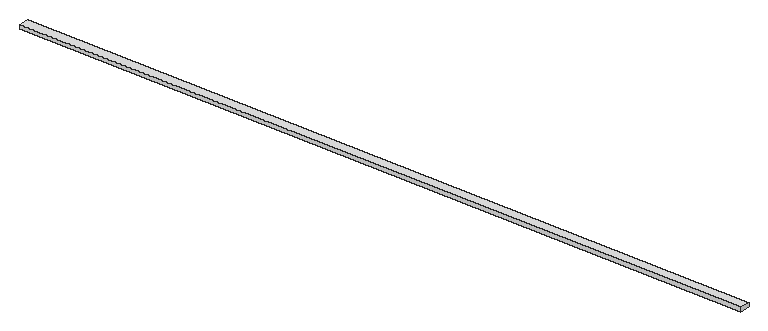
Revit family "MarshallTufflex_ElectricalFittings_TrunkingDado_Mini_MMT3a", category Generic Models, host Face, Revit 2016 (continued)
Definition of nested family "MarshallTufflex_ElectricalFittings_TrunkingDado_InternalBend"
  Types (6, lengths in mm): name | Type Comments | Shape | ProductModelNumber | OverallWidth | OverallLength | OverallHeight | NBSObjectName | ModelNumber | Description | CreatedOn | BIMObjectName
    MarshallTufflex_ElectricalFittings_TrunkingDado_Mini_InternalBend_TIB5 | "Dado Trunking MMT5 Internal Bend" | "50x25mm" | "TIB5" | 53.000 | 44.000 | 27.000 | "MT MiniInternalBendTIB5" | "TIB5" | "Trunking Dado MT Mini Internal Bend TIB5" | "2018-11-26T09:00:00" | "MarshallTufflex_ElectricalFittings_TrunkingDado_Mini_InternalBend_TIB5"
    MarshallTufflex_ElectricalFittings_TrunkingDado_Mini_InternalBend_TIB6 | "Dado Trunking MMT6 Internal Bend" | "38x38mm" | "TIB6" | 38.000 | 56.000 | 38.000 | "MT MiniInternalBendTIB6" | "TIB6" | "Trunking Dado MT Mini Internal Bend TIB6" | "2018-11-16T09:00:00" | "MarshallTufflex_ElectricalFittings_TrunkingDado_Mini_InternalBend_TIB6"
  Reference planes
    plane 1 "Center (Front/Back)": y = 0
    plane 2: z = 0
    plane 3 "Center (Left/Right)": x = 0
    plane 4: y = 26.5
    plane 5: y = -26.5
    plane 6: x = 17
    plane 7: x = 44
    plane 8: z = 27
    plane 9: z = 44
  Forms (mm)
    Extrusion 1, solid
      sketch origin (0, 0, 0) x (1, 0, 0) y (0, 1, 0)
        loop
          line (-1219.2, 1219.2) -> (-1219.2, -1219.2) -> (1219.2, -1219.2) -> (1219.2, 1219.2) -> (-1219.2, 1219.2)
      from 0 to -304.8
    Extrusion 2, solid
      sketch origin (0, 0, 0) x (1, 0, 0) y (0, 0, 1)
        loop
          line (0, 0) -> (44, 0) -> (44, 44) -> (17, 44) -> (17, 27) -> (0, 27) -> (0, 0)
      from -26.5 to 26.5
  Dimensions and locks
    "OverallHeight": plane 6 to plane 7
    "OverallLength": plane 3 "Center (Left/Right)" to plane 7
    "OverallWidth": plane 4 to plane 5
    equal spacing: plane 4, plane 1 "Center (Front/Back)", plane 5
    "OverallLength": plane 9 to Extrusion 1
    "OverallHeight": plane 8 to Extrusion 1
    aligned and locked: plane 2 to Extrusion 1
    aligned and locked: level to Extrusion 1
    aligned and locked: Extrusion 2 sketch curve to plane 8
    aligned and locked: plane 6 to Extrusion 2 sketch curve
    aligned and locked: Extrusion 2 sketch curve to plane 9
    aligned and locked: Extrusion 2 sketch curve to plane 7
    aligned and locked: plane 3 "Center (Left/Right)" to Extrusion 2 sketch curve
    aligned and locked: Extrusion 1 to Extrusion 2 sketch curve
    aligned and locked: plane 4 to Extrusion 2
    aligned and locked: Extrusion 2 to plane 5
  Automatic sketch dimensions
    Extrusion 1 sketch curve to Extrusion 1 sketch curve = 2438.400 mm  (x2)
Definition of nested family "MarshallTufflex_ElectricalFittings_TrunkingDado_ExternalBend"
  Parameters (values of type "MarshallTufflex_ElectricalFittings_TrunkingDado_Mini_ExternalBend_TEB6")
    _DistributedBy = "www.bimstore.co.uk"
    _CurrentRevision = 1
    _CreatedBy = "www.marshall-tufflex.com"
    _BimSpecGuid = 0
    _BSBibleVersion = 15
    _AuthorizedBy = ""
    _Author = "Marshall-Tufflex Ltd"
    Weekly [instance] = "Please Record On Commisioning"
    WarrantyStartDate [instance] = "Please Record On Commisioning"
    WarrantyID [instance] = "Please Record On Commisioning"
    WarrantyGuarantorParts = "Sales@marshall-tufflex.com"
    WarrantyGuarantorLabor [instance] = "Please Record On Commisioning"
    WarrantyDurationUnit = "Years"
    WarrantyDurationParts = 0
    WarrantyDurationLabor = 0
    WarrantyDescription [instance] = "Please Record On Commisioning"
    URL = "www.marshall-tufflex.com"
    TypeName = "Marshall Tufflex Electrical Fitting Trunking Dado Mini"
    Type Comments = "Dado Trunking MMT6 External Bend"
    Type = "Trunking"
    Sub-Type = "Fitting"
    SpareParts = "Sales@marshall-tufflex.com"
    ShippingWeight = 0
    Shape = "38x38mm"
    SerialNumber [instance] = "Please Record On Commisioning"
    ResponsibleSourcingOfMaterials = "n/a"
    ResponsibleExtractionOfMaterials = "n/a"
    ReplacementCost = "Sales@marshall-tufflex.com"
    ReferencedStandard = "BS EN 50085-1"
    ReferenceStandard = "BS EN 50085-1"
    Quarterly [instance] = "Please Record On Commisioning"
    ProductionYear = "2018"
    ProductRange = "Mini"
    ProductModelNumber = "TEB6"
    ProductLiterature = "www.marshall-tufflex.com"
    OverallWidth = 38.000 mm
    OverallLength = 56.000 mm
    OverallHeight = 38.000 mm
    O&Mmanual = "www.marshall-tufflex.com"
    NominalLength = 0.000 mm
    NominalHeight = 0.000 mm
    NominalDepth = 0.000 mm
    NBSReference = "90-55-10/390"
    NBSOfficeMasterTag = "n/a"
    NBSObjectName = "MT MiniExternalBendTEB6"
    NBSNote = ""
    NBSDescription = "Proprietry Tunking"
    Monthly [instance] = "Please Record On Commisioning"
    ModelReference = "Mini"
    ModelNumber = "TEB6"
    Model = "Mini"
    MaterialIngredientReporting = "n/a"
    Material = "PVCu"
    ManufacturerWebsite = "www.marshall-tufflex.com"
    ManufacturerName = "Marshall-Tufflex Ltd"
    Manufacturer = "Marshall-Tufflex Ltd"
    LocationOfManufacturer = "N 50°52'39\" E 0°31'41\""
    LifeCycleAnalysis = "n/a"
    LidConfiguration = "Tamper Proof"
    Keynote = "V90"
    InstallationDate [instance] = "Please Record On Commisioning"
    IfcExportType = "IfcCableSegmentType"
    IfcExportAs = "IfcFlowSegment"
    GrossWeight = 0
    GreenGuideforSpecification = 0
    Grade = "n/a"
    Fittings = "www.marshall-tufflex.com"
    Finish = "Matt"
    Features = "Variety of sizes, self-fixing and punched options"
    ExpectedLife = 0
    ErPEnergyLabel = "n/a"
    EnvironmentalProductDeclaration = "n/a"
    EnergyTechnologyList = "n/a"
    EnclosureRating = "IP4X"
    EmbodiedCarbon = 0
    DurationUnit = "Years"
    DocumentationTechnical = "www.marshall-tufflex.com"
    DocumentationMaintenance = "www.marshall-tufflex.com"
    DocumentationLiterature = "www.marshall-tufflex.com"
    DocumentationInstallationGuide = "www.marshall-tufflex.com"
    DocumentationCertificates = "www.marshall-tufflex.com"
    Description = "Trunking Dado MT Mini External Bend TEB6"
    Default Elevation = 1200.000 mm
    Daily [instance] = "Please Record On Commisioning"
    CreatedOn = "2018-11-16T09:00:00"
    CreatedBy = "Sales@marshall-tufflex.com"
    Cost = 0
    Constituents = "Mini Trunking"
    Compartments = "No"
    Colour = "White (RAL9003)"
    Color = "White (RAL9003)"
    CodePerformance = "n/a"
    ClassificationValue = "Pr_65_70_11_61"
    ClassificationName = "Uniclass2015"
    CEApproval = "Yes"
    BespokeTimeframe [instance] = "Please Record On Commisioning"
    BarCode [instance] = "Please Record On Commisioning"
    BIMObjectName = "MarshallTufflex_ElectricalFittings_TrunkingDado_Mini_ExternalBend_TEB6"
    AssetType = "Fixed"
    AssetIdentifier [instance] = "Please Record On Commisioning"
    Assembly Code = "D5010"
    Annually [instance] = "Please Record On Commisioning"
    AccessoryBoxDepth = "n/a"
    Accessories = "www.marshall-tufflex.com"
    AccessibilityPerformance = "n/a"
    AccessClearanceTop = 0.000 mm
    AccessClearanceRight = 0.000 mm
    AccessClearanceRear = 0.000 mm
    AccessClearanceLeft = 0.000 mm
    AccessClearanceFront = 0.000 mm
    AccessClearanceBottom = 0.000 mm
    6Monthly [instance] = "Please Record On Commisioning"
  Types (6, lengths in mm): name | Type Comments | Shape | ProductModelNumber | OverallWidth | OverallLength | OverallHeight | NBSObjectName | ModelNumber | Description | CreatedOn | BIMObjectName
    MarshallTufflex_ElectricalFittings_TrunkingDado_Mini_ExternalBend_TEB1 | "Dado Trunking MMT1 External Bend" | "50x25mm" | "TEB1" | 19.000 | 35.000 | 18.000 | "MT MiniExternalBendTEB1" | "TEB1" | "Trunking Dado MT Mini External Bend TEB1" | "2018-11-16T09:00:00" | "MarshallTufflex_ElectricalFittings_TrunkingDado_Mini_ExternalBend_TEB1"
    MarshallTufflex_ElectricalFittings_TrunkingDado_Mini_ExternalBend_TEB2 | "Dado Trunking MMT2 External Bend" | "25x16mm" | "TEB2" | 28.000 | 35.000 | 18.000 | "MT MiniExternalBendTEB2" | "TEB2" | "Trunking Dado MT Mini External Bend TEB2" | "2018-11-16T09:00:00" | "MarshallTufflex_ElectricalFittings_TrunkingDado_Mini_ExternalBend_TEB2"
    MarshallTufflex_ElectricalFittings_TrunkingDado_Mini_ExternalBend_TEB3 | "Dado Trunking MMT3 External Bend" | "38x16mm" | "TEB3" | 41.000 | 35.000 | 18.000 | "MT MiniExternalBendTEB3" | "TEB3" | "Trunking Dado MT Mini External Bend TEB3" | "2018-11-16T09:00:00" | "MarshallTufflex_ElectricalFittings_TrunkingDado_Mini_ExternalBend_TEB3"
    MarshallTufflex_ElectricalFittings_TrunkingDado_Mini_ExternalBend_TEB4 | "Dado Trunking MMT4 External Bend" | "38x25mm" | "TEB4" | 41.000 | 44.000 | 27.000 | "MT MiniExternalBendTEB4" | "TEB4" | "Trunking Dado MT Mini External Bend TEB4" | "2018-11-16T09:00:00" | "MarshallTufflex_ElectricalFittings_TrunkingDado_Mini_ExternalBend_TEB4"
    MarshallTufflex_ElectricalFittings_TrunkingDado_Mini_ExternalBend_TEB5 | "Dado Trunking MMT5 External Bend" | "50x25mm" | "TEB5" | 53.000 | 45.000 | 27.000 | "MT MiniExternalBendTEB5" | "TEB5" | "Trunking Dado MT Mini External Bend TEB5" | "2018-11-26T09:00:00" | "MarshallTufflex_ElectricalFittings_TrunkingDado_Mini_ExternalBend_TEB5"
    MarshallTufflex_ElectricalFittings_TrunkingDado_Mini_ExternalBend_TEB6 | "Dado Trunking MMT6 External Bend" | "38x38mm" | "TEB6" | 38.000 | 56.000 | 38.000 | "MT MiniExternalBendTEB6" | "TEB6" | "Trunking Dado MT Mini External Bend TEB6" | "2018-11-16T09:00:00" | "MarshallTufflex_ElectricalFittings_TrunkingDado_Mini_ExternalBend_TEB6"
  Reference planes
    plane 1 "Center (Front/Back)": y = 0
    plane 2: z = 0
    plane 3 "Center (Left/Right)": x = 0
    plane 4: y = 19
    plane 5: y = -19
    plane 6: x = 18
    plane 7: x = 56
    plane 8: z = 38
    plane 9: z = -18
  Forms (mm)
    Extrusion 1, solid
      sketch origin (0, 0, 0) x (1, 0, 0) y (0, 1, 0)
        loop
          line (-1219.2, 1219.2) -> (-1219.2, -1219.2) -> (1219.2, -1219.2) -> (1219.2, 1219.2) -> (-1219.2, 1219.2)
      from 0 to -304.8
    Extrusion 2, solid
      sketch origin (0, 0, 0) x (1, 0, 0) y (0, 0, 1)
        loop
          line (0, 38) -> (0, 0) -> (18, 0) -> (18, -18) -> (56, -18) -> (56, 38) -> (0, 38)
      from -19 to 19
  Dimensions and locks
    "OverallHeight": plane 6 to plane 7
    "OverallLength": plane 3 "Center (Left/Right)" to plane 7
    "OverallWidth": plane 4 to plane 5
    equal spacing: plane 4, plane 1 "Center (Front/Back)", plane 5
    "OverallHeight": plane 8 to Extrusion 1
    "OverallLength": plane 8 to plane 9
    aligned and locked: plane 2 to Extrusion 1
    aligned and locked: level to Extrusion 1
    aligned and locked: Extrusion 2 sketch curve to plane 8
    aligned and locked: Extrusion 2 sketch curve to plane 7
    aligned and locked: plane 9 to Extrusion 2 sketch curve
    aligned and locked: plane 6 to Extrusion 2 sketch curve
    aligned and locked: Extrusion 1 to Extrusion 2 sketch curve
    aligned and locked: plane 3 "Center (Left/Right)" to Extrusion 2 sketch curve
    aligned and locked: plane 4 to Extrusion 2
    aligned and locked: Extrusion 2 to plane 5
  Automatic sketch dimensions
    Extrusion 1 sketch curve to Extrusion 1 sketch curve = 2438.400 mm  (x2)
Definition of nested family "MarshallTufflex_ElectricalFittings_TrunkingDado_SquareAngle"
  Parameters (values of type "MarshallTufflex_ElectricalFittings_TrunkingDado_Mini_SquareAngle_TFB1")
    _DistributedBy = "www.bimstore.co.uk"
    _CurrentRevision = 1
    _CreatedBy = "www.marshall-tufflex.com"
    _BimSpecGuid = 0
    _BSBibleVersion = 15
    _AuthorizedBy = ""
    _Author = "Marshall-Tufflex Ltd"
    Weekly [instance] = "Please Record On Commisioning"
    WarrantyStartDate [instance] = "Please Record On Commisioning"
    WarrantyID [instance] = "Please Record On Commisioning"
    WarrantyGuarantorParts = "Sales@marshall-tufflex.com"
    WarrantyGuarantorLabor [instance] = "Please Record On Commisioning"
    WarrantyDurationUnit = "Years"
    WarrantyDurationParts = 0
    WarrantyDurationLabor = 0
    WarrantyDescription [instance] = "Please Record On Commisioning"
    URL = "www.marshall-tufflex.com"
    TypeName = "Marshall Tufflex Electrical Fitting Trunking Dado Mini"
    Type Comments = "Dado Trunking MMT1 Square Angle"
    Type = "Trunking"
    Sub-Type = "Fitting"
    SpareParts = "Sales@marshall-tufflex.com"
    ShippingWeight = 0
    Shape = "16x16mm"
    SerialNumber [instance] = "Please Record On Commisioning"
    ResponsibleSourcingOfMaterials = "n/a"
    ResponsibleExtractionOfMaterials = "n/a"
    ReplacementCost = "Sales@marshall-tufflex.com"
    ReferencedStandard = "BS EN 50085-1"
    ReferenceStandard = "BS EN 50085-1"
    Quarterly [instance] = "Please Record On Commisioning"
    ProductionYear = "2018"
    ProductRange = "Mini"
    ProductModelNumber = "TFB1"
    ProductLiterature = "www.marshall-tufflex.com"
    OverallWidth = 19.000 mm
    OverallLength = 35.000 mm
    OverallHeight = 18.000 mm
    O&Mmanual = "www.marshall-tufflex.com"
    NominalLength = 0.000 mm
    NominalHeight = 0.000 mm
    NominalDepth = 0.000 mm
    NBSReference = "90-55-10/390"
    NBSOfficeMasterTag = "n/a"
    NBSObjectName = "MT MiniSquareAngleTFB1"
    NBSNote = ""
    NBSDescription = "Proprietry Tunking"
    Monthly [instance] = "Please Record On Commisioning"
    ModelReference = "Mini"
    ModelNumber = "TFB1"
    Model = "Mini"
    MaterialIngredientReporting = "n/a"
    Material = "PVCu"
    ManufacturerWebsite = "www.marshall-tufflex.com"
    ManufacturerName = "Marshall-Tufflex Ltd"
    Manufacturer = "Marshall-Tufflex Ltd"
    LocationOfManufacturer = "N 50°52'39\" E 0°31'41\""
    LifeCycleAnalysis = "n/a"
    LidConfiguration = "Tamper Proof"
    Keynote = "V90"
    InstallationDate [instance] = "Please Record On Commisioning"
    IfcExportType = "IfcCableSegmentType"
    IfcExportAs = "IfcFlowSegment"
    GrossWeight = 0
    GreenGuideforSpecification = 0
    Grade = "n/a"
    Fittings = "www.marshall-tufflex.com"
    Finish = "Matt"
    Features = "Variety of sizes, self-fixing and punched options"
    ExpectedLife = 0
    ErPEnergyLabel = "n/a"
    EnvironmentalProductDeclaration = "n/a"
    EnergyTechnologyList = "n/a"
    EnclosureRating = "IP4X"
    EmbodiedCarbon = 0
    DurationUnit = "Years"
    DocumentationTechnical = "www.marshall-tufflex.com"
    DocumentationMaintenance = "www.marshall-tufflex.com"
    DocumentationLiterature = "www.marshall-tufflex.com"
    DocumentationInstallationGuide = "www.marshall-tufflex.com"
    DocumentationCertificates = "www.marshall-tufflex.com"
    Description = "Trunking Dado MT Mini Square Angle TFB1"
    Default Elevation = 1200.000 mm
    Daily [instance] = "Please Record On Commisioning"
    CreatedOn = "2018-11-16T09:00:00"
    CreatedBy = "Sales@marshall-tufflex.com"
    Cost = 0
    Constituents = "Mini Trunking"
    Compartments = "No"
    Colour = "White (RAL9003)"
    Color = "White (RAL9003)"
    CodePerformance = "n/a"
    ClassificationValue = "Pr_65_70_11_61"
    ClassificationName = "Uniclass2015"
    CEApproval = "Yes"
    BespokeTimeframe [instance] = "Please Record On Commisioning"
    BarCode [instance] = "Please Record On Commisioning"
    BIMObjectName = "MarshallTufflex_ElectricalFittings_TrunkingDado_Mini_SquareAngle_TFB1"
    AssetType = "Fixed"
    AssetIdentifier [instance] = "Please Record On Commisioning"
    Assembly Code = "D5010"
    Annually [instance] = "Please Record On Commisioning"
    AccessoryBoxDepth = "n/a"
    Accessories = "www.marshall-tufflex.com"
    AccessibilityPerformance = "n/a"
    AccessClearanceTop = 0.000 mm
    AccessClearanceRight = 0.000 mm
    AccessClearanceRear = 0.000 mm
    AccessClearanceLeft = 0.000 mm
    AccessClearanceFront = 0.000 mm
    AccessClearanceBottom = 0.000 mm
    6Monthly [instance] = "Please Record On Commisioning"
  Types (6, lengths in mm): name | Type Comments | Shape | ProductModelNumber | OverallWidth | OverallLength | OverallHeight | NBSObjectName | ModelNumber | Description | CreatedOn | BIMObjectName
    MarshallTufflex_ElectricalFittings_TrunkingDado_Mini_SquareAngle_TFB1 | "Dado Trunking MMT1 Square Angle" | "16x16mm" | "TFB1" | 19.000 | 35.000 | 18.000 | "MT MiniSquareAngleTFB1" | "TFB1" | "Trunking Dado MT Mini Square Angle TFB1" | "2018-11-16T09:00:00" | "MarshallTufflex_ElectricalFittings_TrunkingDado_Mini_SquareAngle_TFB1"
    MarshallTufflex_ElectricalFittings_TrunkingDado_Mini_SquareAngle_TFB2 | "Dado Trunking MMT2 Square Angle" | "25x16mm" | "TFB2" | 28.000 | 44.000 | 18.000 | "MT MiniSquareAngleTFB2" | "TFB2" | "Trunking Dado MT Mini Square Angle TFB2" | "2018-11-16T09:00:00" | "MarshallTufflex_ElectricalFittings_TrunkingDado_Mini_SquareAngleTFB2"
    MarshallTufflex_ElectricalFittings_TrunkingDado_Mini_SquareAngle_TFB3 | "Dado Trunking MMT3 Square Angle" | "38x16mm" | "TFB3" | 41.000 | 57.000 | 18.000 | "MT MiniSquareAngleTFB3" | "TFB3" | "Trunking Dado MT Mini Square Angle TFB3" | "2018-11-16T09:00:00" | "MarshallTufflex_ElectricalFittings_TrunkingDado_Mini_SquareAngle_TFB3"
    MarshallTufflex_ElectricalFittings_TrunkingDado_Mini_SquareAngle_TFB4 | "Dado Trunking MMT4 Square Angle" | "38x25mm" | "TFB4" | 41.000 | 57.000 | 27.000 | "MT MiniSquareAngleTFB4" | "TFB4" | "Trunking Dado MT Mini Square Angle TFB4" | "2018-11-16T09:00:00" | "MarshallTufflex_ElectricalFittings_TrunkingDado_Mini_SquareAngle_TFB4"
    MarshallTufflex_ElectricalFittings_TrunkingDado_Mini_SquareAngle_TFB5 | "Dado Trunking MMT5 Square Angle" | "50x25mm" | "TFB5" | 53.000 | 69.000 | 27.000 | "MT MiniSquareAngleTFB5" | "TFB5" | "Trunking Dado MT Mini Square Angle TFB5" | "2018-11-26T09:00:00" | "MarshallTufflex_ElectricalFittings_TrunkingDado_Mini_SquareAngle_TFB5"
    MarshallTufflex_ElectricalFittings_TrunkingDado_Mini_SquareAngle_TFB6 | "Dado Trunking MMT6 Square Angle" | "38x38mm" | "TFB6" | 42.000 | 58.000 | 40.000 | "MT MiniSquareAngleTFB6" | "TFB6" | "Trunking Dado MT Mini Square Angle TFB6" | "2018-11-16T09:00:00" | "MarshallTufflex_ElectricalFittings_TrunkingDado_Mini_SquareAngle_TFB6"
  Reference planes
    plane 1 "Center (Front/Back)": y = 0
    plane 2: z = 0
    plane 3 "Center (Left/Right)": x = 0
    plane 4: z = 18
    plane 5: y = 9.5
    plane 6: x = 9.5
    plane 7: y = -9.5
    plane 8: x = -9.5
    plane 9: x = -25.5
    plane 10: y = -25.5
  Forms (mm)
    Extrusion 1, solid
      sketch origin (0, 0, 0) x (1, 0, 0) y (0, 1, 0)
        loop
          line (-1219.2, 1219.2) -> (-1219.2, -1219.2) -> (1219.2, -1219.2) -> (1219.2, 1219.2) -> (-1219.2, 1219.2)
      from 0 to -304.8
    Extrusion 2, solid
      sketch origin (0, 0, 0) x (1, 0, 0) y (0, 1, 0)
        loop
          line (-25.5, -9.5) -> (-9.5, -9.5) -> (-9.5, -25.5) -> (9.5, -25.5) -> (9.5, 9.5) -> (-25.5, 9.5) -> (-25.5, -9.5)
      from 0 to 18
  Dimensions and locks
    "OverallHeight": plane 4 to Extrusion 1
    equal spacing: plane 8, plane 3 "Center (Left/Right)", plane 6
    equal spacing: plane 5, plane 1 "Center (Front/Back)", plane 7
    "OverallLength": plane 5 to plane 10
    "OverallWidth": plane 5 to plane 7
    "OverallWidth": plane 8 to plane 6
    "OverallLength": plane 9 to plane 6
    aligned and locked: plane 2 to Extrusion 1
    aligned and locked: level to Extrusion 1
    aligned and locked: plane 7 to Extrusion 2 sketch curve
    aligned and locked: plane 8 to Extrusion 2 sketch curve
    aligned and locked: plane 10 to Extrusion 2 sketch curve
    aligned and locked: Extrusion 2 sketch curve to plane 6
    aligned and locked: Extrusion 2 sketch curve to plane 5
    aligned and locked: plane 9 to Extrusion 2 sketch curve
    aligned and locked: plane 4 to Extrusion 2
  Automatic sketch dimensions
    Extrusion 1 sketch curve to Extrusion 1 sketch curve = 2438.400 mm  (x2)
Types (2, lengths in mm): name | TypeName | ProductModelNumber | NBSObjectName | ModelNumber | Description | BIMObjectName
  MMT3 | "Marshall Tufflex Electrical Fitting Trunking Dado Mini" | "MMT3" | "MT MiniTrunkingMMT3" | "MMT3" | "Trunking Dado MT Mini MMT3" | "MarshallTufflex_ElectricalFittings_TrunkingDado_Mini_MMT3"
  MMT3SF | "Marshall Tufflex Electrical Fitting Trunking Dado Self Fixing Mini" | "MMT3SF" | "MT MiniTrunkingMMT3SF" | "MMT3SF" | "Trunking Dado MT Mini MMT3SF" | "MarshallTufflex_ElectricalFittings_TrunkingDado_Mini_MMT3SF"
